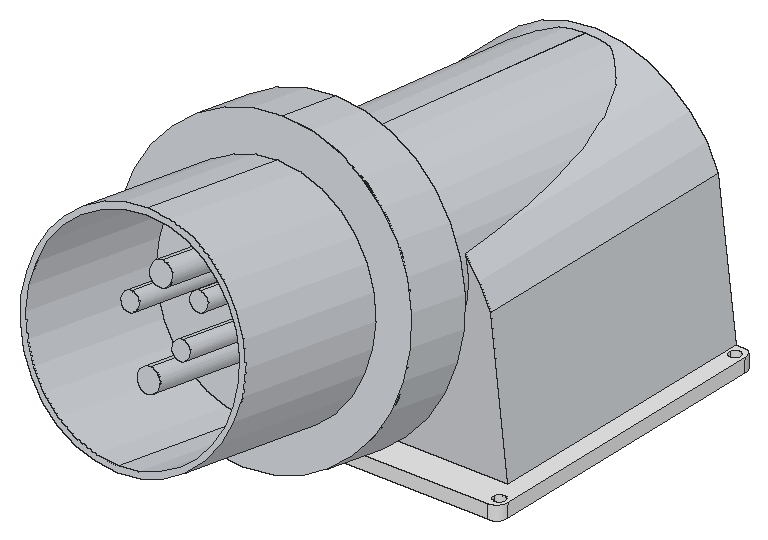
Revit family "Building-ConnessioniIEC309-GEWISS-IEC309HP-SPINE_FISSE_PAR_90°_CABL_INDIRETTO_125A_IP67", category Apparecchi elettrici, host Superficie, Revit 2019
Family settings
  Host = Superficie
  Mantenere orientamento annotazione = Sì
  Quota connettore circolare = Usa diametro
  Tipo di parte = Normale
  Taglio con vuoti quando caricato = No
  Condiviso = Sì
  Punto di calcolo locali = Sì
Parameters (values of type "GW60463 - SPINA 90°PAR.STAG.3P+N+T 125A 500V 7H")
  simbolo acceso [instance] = yes
  distanza_simbolo [instance] = 1 mm
  distanza dal piano [instance] = 0 mm
  W = 115 mm  # constant formula
  Versione file RFA = "21.11"
  URL = "https://www.gewiss.com/it/it"
  Tipologia = "Spina fissa da parete 90°"
  Tipo Cablaggio = "A mantello"
  Termopressione con biglia = "125 °C (Parti attive) - 80 °C (Parti passive)"
  Tensione nominale = "480-500V"
  Temperatura di utilizzo = "-25 +55 °C"
  Spostamento_effettivo_S [instance] = 4000 mm - Spostamento_S  # 3070 mm
  Spostamento_S = 930 mm
  Scheda Tecnica = "https://www.gewiss.com/it/it/search?q=GW60463"
  SPinotto = Default(2)
  SEO = "Spina"
  Riferimento h = "7"
  Resistenza di isolamento = "- 10 M?"
  Resistenza agli urti = "IK08"
  Default Elevation = 1219.2 mm
  Produttore = "GEWISS S.p.A."
  Potere d'interruzione a 1,1 Un = "156A"
  Piastra = Default(2)
  N. poli = "3P+N+T"
  N. Manovre complessive = "-500"
  Modello = "GW60463"
  L = 155 mm  # constant formula
  Immagine tipo = (empty or 0)
  IDT = "65faf2d8742c4b6998c525a67799a263"
  IDF = "659da91f-410f-4442-9d21-51160cca272d"
  Grado di protezione = "IP67"
  Glow wire test: = "850 °C (Parti attive) - 650 °C (Parti passive)"
  Frequenza = "50/60 Hz"
  FORMULA = 1000 mm * 1  # 1000 mm
  Descrizione = "SPINA 90°PAR.STAG.3P+N+T 125A 500V 7H"
  Creato da GEWISS S.p.A. = ""
  Corrente nominale (A) = "125"
  Corpo centrale = Default(2)
  Colore: = "Nero"
  Codice Electrocod = "2230"
  Catalogo = "BUILDING"
  CapacitÃ  serraggio morsetti = "16-50 mm² cavi flessibili - 25-70 mm² cavi rigidi"
  COBie.Tagnumber = ""
  COBie.CreatedOn = ""
  COBie.CreatebBy = ""
  COBie.ComponentRegisterItemID = ""
  COBie.Component.TagNumber = ""
  COBie.Component.Space = ""
  COBie.Component.SerialNumber = ""
  COBie.Component.InstallationDate = ""
  COBie.Component.Description = ""
  COBie.Component.BarCode = ""
  BLOCCO = "B=C"
Types (8, lengths in mm): name | Tensione nominale | Scheda Tecnica | Riferimento h | N. poli | Modello | IDT | Descrizione | Colore:
  GW60456 - SPINA 90°PAR.STAG.3P+T 125A 110V 4H | "100-130V" | "https://www.gewiss.com/it/it/search?q=GW60456" | "4" | "3P+T" | "GW60456" | "3800a04927474f288e68a607b09988a9" | "SPINA 90°PAR.STAG.3P+T 125A 110V 4H" | "Giallo"
  GW60457 - SPINA 90°PAR.STAG.3P+N+T 125A 110V 4H | "100-130V" | "https://www.gewiss.com/it/it/search?q=GW60457" | "4" | "3P+N+T" | "GW60457" | "8aaa99a3a4b44c66b142d95dae97df17" | "SPINA 90°PAR.STAG.3P+N+T 125A 110V 4H" | "Giallo"
  GW60458 - SPINA 90°PAR.STAG.3P+T 125A 230V 9H | "200-250V" | "https://www.gewiss.com/it/it/search?q=GW60458" | "9" | "3P+T" | "GW60458" | "f45895a4e113447bb1fad4a641f365e7" | "SPINA 90°PAR.STAG.3P+T 125A 230V 9H" | "Blu"
  GW60459 - SPINA 90°PAR.STAG.3P+N+T 125A 230V 9H | "200-250V" | "https://www.gewiss.com/it/it/search?q=GW60459" | "9" | "3P+N+T" | "GW60459" | "3828058f71114ea1ad54305240ad521a" | "SPINA 90°PAR.STAG.3P+N+T 125A 230V 9H" | "Blu"
  GW60460 - SPINA 90°PAR.STAG.3P+T 125A 400V 6H | "380-415V" | "https://www.gewiss.com/it/it/search?q=GW60460" | "6" | "3P+T" | "GW60460" | "2bec973d1017475d87a464796403b450" | "SPINA 90°PAR.STAG.3P+T 125A 400V 6H" | "Rosso"
  GW60461 - SPINA 90°PAR.STAG.3P+N+T 125A 400V 6H | "380-415V" | "https://www.gewiss.com/it/it/search?q=GW60461" | "6" | "3P+N+T" | "GW60461" | "3ea0060967664dec90878a568c9b3ea4" | "SPINA 90°PAR.STAG.3P+N+T 125A 400V 6H" | "Rosso"
  GW60462 - SPINA 90°PAR.STAG.3P+T 125A 500V 7H | "480-500V" | "https://www.gewiss.com/it/it/search?q=GW60462" | "7" | "3P+T" | "GW60462" | "f40a51e14e8a4a7aa1089104dc8ac73b" | "SPINA 90°PAR.STAG.3P+T 125A 500V 7H" | "Nero"
  GW60463 - SPINA 90°PAR.STAG.3P+N+T 125A 500V 7H | "480-500V" | "https://www.gewiss.com/it/it/search?q=GW60463" | "7" | "3P+N+T" | "GW60463" | "65faf2d8742c4b6998c525a67799a263" | "SPINA 90°PAR.STAG.3P+N+T 125A 500V 7H" | "Nero"
Reference planes
  plane 1 "Centro (Fronte/Retro)": y = 0
  plane 2: z = 0
  plane 3 "Centro (Sinistra/Destra)": x = 0
  plane 4: x = -3000
  plane 5: x = 70
  plane 6: z = 0
Dimensions and locks
  plane 4 to plane 3 "Centro (Sinistra/Destra)" = 3000 mm
  "Spostamento_effettivo_S": plane 4 to plane 5
  "distanza dal piano": plane 6 to plane 2
  aligned and locked: plane 2 to host face
  aligned and locked: level to host face
  aligned and locked: plane 3 "Centro (Sinistra/Destra)" to nested 1
  aligned and locked: plane 1 "Centro (Fronte/Retro)" to nested 1
  aligned and locked: nested 2 to plane 5
Automatic sketch dimensions
  host sketch curve to host sketch curve = 2438.4 mm  (x2)
Nested families
  nested 1: "IEC309 SPINE FISSE PARETE 90' CABL INDIRETTO 125A IP67_BASE" at (0, 0, 0), type "IEC309 SPINE FISSE PARETE 90' CABL INDIRETTO 125A IP67_BASE"
  nested 2: "simbolo_circuito_GW60201" at (70, 171.559, 0), visible <- "simbolo acceso", Distanza dal muro <- "distanza_simbolo", type "3P"
    with SIMBOLO ACCESO yes, Distanza dal muro 1 mm
Connectors
  electrical at (37.5, 30, 0)
    settings: on nested 1, index 1, voltage 0 V, apparent load 0 VA, apparent load phase1 0 VA, apparent load phase2 0 VA, apparent load phase3 0 VA, power factor 1, load classification "Altro", number of poles 1, system type 31, power factor state 1, is connector primary yes, connector utility no, sub classification motor no, connector description ""
Definition of nested family "IEC309 SPINE FISSE PARETE 90' CABL INDIRETTO 125A IP67_BASE"
  Parameters (values of type "IEC309 SPINE FISSE PARETE 90' CABL INDIRETTO 125A IP67_BASE")
    sp_ghiera = 16 mm
    h = 140 mm
    dis_base = 71 mm
    Spinotto = none
    PIASTRA = none
    Lunghezza totale = 140 mm
    CENTRALE = none
    Bsae = 140 mm
  Reference planes
    plane 1 "Centro (Fronte/Retro)": y = 0
    plane 2: z = 0
    plane 3 "Centro (Sinistra/Destra)": x = 0
    plane 4 "EEE": through (4267.2, -291.041, 143.375) normal (0, -0.788, -0.6157)
    plane 5: x = 48
    plane 6: x = 140
    plane 7: y = 140
    plane 8: z = 6
    plane 9: y = 134.607
    plane 10: y = 5.392
    plane 11: x = 70
    plane 12: y = 70
    plane 13: through (4267.2, -43.825, 42.63) normal (0, 0.1727, 0.985)
    plane 14: x = 4.026
    plane 15: x = 135.974
    plane 16: z = 108.719
    plane 17 "zx": through (4267.2, -97.102, 134.757) normal (0, 0.1727, 0.985)
    plane 18: x = 126
    plane 19: x = 14
  Forms (mm)
    Extrusion 1, solid, material <- "PIASTRA"
      sketch origin (0, 0, 0) x (1, 0, 0) y (0, 1, 0)
        loop
          arc (5, 140) -> (1.464, 138.536) -> (0, 135) r 5
          line (0, 135) -> (0, 5)
          arc (0, 5) -> (1.464, 1.464) -> (5, 0) r 5
          line (5, 0) -> (135, 0)
          arc (135, 0) -> (138.536, 1.464) -> (140, 5) r 5
          line (140, 5) -> (140, 135)
          arc (140, 135) -> (138.536, 138.536) -> (135, 140) r 5
          line (135, 140) -> (5, 140)
      from 0 to 6
    Extrusion 2, void
      sketch origin (0, 0, 0) x (1, 0, 0) y (0, 1, 0)
        loop
          circle (4.026, 134.607) r 2.665
        loop
          circle (135.974, 134.607) r 2.602
        loop
          circle (135.974, 5.392) r 2.692
        loop
          circle (4.026, 5.392) r 2.603
      from 0 to 6
    Extrusion 3, solid
      sketch origin (-3.52, 0, 0) x (1, 0, 0) y (0, 0, 1)
        loop
          line (11.821, 6) -> (135.22, 6) -> (127.556, 70.547)
          arc (127.556, 70.547) -> (73.52, 108.719) -> (19.485, 70.547) r 57.332
          line (19.485, 70.547) -> (11.821, 6)
      from -140 to -15.377
    Sweep 4, solid
      path origin (0, 0, 3.75) x (0, 1, 0) y (0, 0, 1)
        loop
          line (-17.292, 79.235) -> (129.498, 61.629)
      profile origin (0, 56.103, 74.182) x (0, 0.119082, 0.992884) y (1, 0, 0)
        loop
          circle (0, 70) r 44
    Sweep 5, solid
      path origin (0, 0, -2.5) x (0, 1, 0) y (0, 0, 1)
        loop
          line (-113.305, 99.83) -> (-42.11, 87.351)
      profile origin (0, -77.707, 91.091) x (0, 0.17265, 0.984983) y (1, 0, 0)
        loop
          circle (0, 70) r 49
        loop
          circle (0, 70) r 46.576
    Sweep 6, solid
      path origin (70, 0, -2.008) x (0, 1, 0) y (0, 0, 1)
        loop
          line (-42.026, 87.336) -> (-13.097, 82.266)
      profile origin (70, -27.561, 82.793) x (0, 0.17265, 0.984983) y (1, 0, 0)
        loop
          circle (0, 0) r 65
    Sweep 7, solid
      path origin (0, -0.85, -7.351) x (0, 1, 0) y (0, 0, 1)
        loop
          line (-103.677, 85.088) -> (-44.33, 74.686)
      profile origin (0, -74.854, 72.536) x (0, 0.17265, 0.984983) y (1, 0, 0)
        loop
          circle (0, 70) r 5
    Sweep 8, solid
      path origin (82.164, 0, 7.909) x (0, 1, 0) y (0, 0, -1)
        loop
          line (-101.933, -84.629) -> (-42.56, -74.375)
      profile origin (82.164, -72.247, 87.411) x (0, -0.170176, -0.985414) y (-1, 0, 0)
        loop
          circle (0, 0) r 4
    Sweep 9, solid
      path origin (0, 5.952, 31.457) x (0, 1, 0) y (0, 0, 1)
        loop
          line (-103.677, 85.088) -> (-44.33, 74.686)
      profile origin (0, -68.052, 111.344) x (0, 0.17265, 0.984983) y (1, 0, 0)
        loop
          circle (0, 70) r 5
    Sweep 10, solid
      path origin (86.641, 3.329, 26.9) x (0, 1, 0) y (0, 0, -1)
        loop
          line (-101.057, -84.629) -> (-42.56, -74.375)
      profile origin (86.641, -68.48, 106.402) x (0, -0.17265, -0.984983) y (-1, 0, 0)
        loop
          circle (0, 0) r 4
    Sweep 11, solid
      path origin (57.723, 1.682, 17.505) x (0, 1, 0) y (0, 0, 1)
        loop
          line (-101.057, 84.629) -> (-42.56, 74.375)
      profile origin (57.723, -70.126, 97.007) x (0, 0.17265, 0.984983) y (1, 0, 0)
        loop
          circle (0, 0) r 4
  Cuts and joins
    Extrusion 2 cuts Extrusion 1
    joined: Extrusion 3, Sweep 4
    joined: Sweep 5, Sweep 6
  Lines and regions (mm)
    symbolic lines
      curve 1: line (330.256, 400.85, 0) -> (342.43, 400.85, 0)
      curve 2: line (0, -27.731, 87.005) -> (0, 10.147, 80.366)
  Dimensions and locks
    "Bsae": plane 3 "Centro (Sinistra/Destra)" to plane 6
    "h": plane 1 "Centro (Fronte/Retro)" to plane 7
    plane 8 to level = 6 mm
    locked: plane 1 "Centro (Fronte/Retro)" to plane 10 at 5.392
    equal spacing: plane 3 "Centro (Sinistra/Destra)", plane 11, plane 6
    locked: plane 7 to plane 9 at 5.393
    equal spacing: plane 1 "Centro (Fronte/Retro)", plane 12, plane 7
    locked: plane 8 to plane 2 at 6
    locked: plane 3 "Centro (Sinistra/Destra)" to plane 14 at 4.026
    locked: plane 15 to plane 6 at 4.026
    locked: plane 18 to plane 6 at 14
    locked: plane 3 "Centro (Sinistra/Destra)" to plane 19 at 14
    radius of Extrusion 1 sketch curve = 5 mm  (x4)
    aligned and locked: level to plane 2
    aligned and locked: Extrusion 1 to level
    aligned and locked: plane 8 to Extrusion 1
    aligned and locked: Extrusion 2 to level
    aligned and locked: plane 8 to Extrusion 2
    aligned and locked: plane 14 to Extrusion 2 sketch curve  (x2)
    aligned and locked: Extrusion 2 sketch curve to plane 15
    aligned and locked: plane 15 to Extrusion 2 sketch curve
    aligned and locked: plane 7 to Extrusion 3
    aligned and locked: Sweep 7 to Sweep 8 sketch curve
    aligned and locked: cut or joined group of Sweep 5, Sweep 6 to Sweep 11
    aligned and locked: cut or joined group of Sweep 5, Sweep 6 to Sweep 10
    aligned and locked: cut or joined group of Sweep 5, Sweep 6 to Sweep 9
    aligned and locked: cut or joined group of Sweep 5, Sweep 6 to Sweep 7
  Automatic sketch dimensions
    plane 1 "Centro (Fronte/Retro)" to curve 2 = 27.731 mm
    plane 10 to curve 2 = 4.755 mm
    plane 16 to curve 2 = 28.353 mm
    plane 16 to curve 2 = 21.714 mm
    curve 1 to plane 6 = 190.256 mm
    plane 7 to curve 1 = 260.85 mm
    curve 1 to curve 1 = 12.174 mm
    Extrusion 1 sketch curve to plane 3 "Centro (Sinistra/Destra)" = 0 mm
    Extrusion 1 sketch curve to plane 7 = 0 mm
    plane 1 "Centro (Fronte/Retro)" to Extrusion 1 sketch curve = 0 mm
    Extrusion 1 sketch curve to plane 6 = 0 mm
    plane 10 to Extrusion 2 sketch curve = 0 mm
    Extrusion 2 sketch curve to plane 10 = 0 mm
    plane 9 to Extrusion 2 sketch curve = 0 mm
    Extrusion 2 sketch curve to plane 9 = 0 mm
    Extrusion 3 sketch curve to plane 8 = 0 mm
    Extrusion 3 sketch curve to plane 11 = 0 mm
    plane 19 to Extrusion 3 sketch curve = 1.965 mm
    plane 14 to Extrusion 3 sketch curve = 4.275 mm
    Extrusion 3 sketch curve to plane 18 = 1.965 mm
    plane 15 to Extrusion 3 sketch curve = 4.275 mm
    plane 8 to Extrusion 3 sketch curve = 45.387 mm
    plane 16 to Extrusion 3 sketch curve = 38.172 mm
    plane 1 "Centro (Fronte/Retro)" to Sweep 4 sketch curve = 17.292 mm
    Sweep 4 sketch curve to plane 9 = 5.109 mm
    plane 16 to Sweep 4 sketch curve = 43.339 mm
    plane 16 to Sweep 4 sketch curve = 25.734 mm
    Sweep 4 sketch curve to profile plane = 0 mm
    plane 3 "Centro (Sinistra/Destra)" to Sweep 4 sketch curve = 70 mm
    Sweep 5 sketch curve to Sweep 5 sketch curve = 0 mm  (x2)
    Sweep 5 sketch curve to profile plane = 0 mm
    plane 3 "Centro (Sinistra/Destra)" to Sweep 5 sketch curve = 70 mm
    plane 1 "Centro (Fronte/Retro)" to Sweep 6 sketch curve = 42.026 mm
    plane 1 "Centro (Fronte/Retro)" to Sweep 6 sketch curve = 13.097 mm
    plane 16 to Sweep 6 sketch curve = 28.461 mm
    plane 16 to Sweep 6 sketch curve = 23.39 mm
    Sweep 6 sketch curve to profile plane = 0 mm  (x2)
    plane 16 to Sweep 7 sketch curve = 30.981 mm
    plane 1 "Centro (Fronte/Retro)" to Sweep 7 sketch curve = 104.528 mm
    plane 1 "Centro (Fronte/Retro)" to Sweep 7 sketch curve = 45.18 mm
    plane 16 to Sweep 7 sketch curve = 41.384 mm
    Sweep 7 sketch curve to profile plane = 0 mm
    plane 3 "Centro (Sinistra/Destra)" to Sweep 7 sketch curve = 70 mm
    plane 16 to Sweep 8 sketch curve = 16.18 mm
    plane 1 "Centro (Fronte/Retro)" to Sweep 8 sketch curve = 42.56 mm
    plane 16 to Sweep 8 sketch curve = 26.434 mm
    profile plane to Sweep 8 sketch curve = 0 mm
    Sweep 8 sketch curve to profile plane = 0 mm
    Sweep 9 sketch curve to plane 16 = 7.826 mm
    plane 1 "Centro (Fronte/Retro)" to Sweep 9 sketch curve = 97.725 mm
    plane 16 to Sweep 9 sketch curve = 2.576 mm
    plane 1 "Centro (Fronte/Retro)" to Sweep 9 sketch curve = 38.378 mm
    Sweep 9 sketch curve to profile plane = 0 mm
    plane 3 "Centro (Sinistra/Destra)" to Sweep 9 sketch curve = 70 mm
    Sweep 10 sketch curve to plane 16 = 2.81 mm
    plane 1 "Centro (Fronte/Retro)" to Sweep 10 sketch curve = 97.728 mm
    plane 16 to Sweep 10 sketch curve = 7.443 mm
    plane 1 "Centro (Fronte/Retro)" to Sweep 10 sketch curve = 39.231 mm
    profile plane to Sweep 10 sketch curve = 0 mm
    Sweep 10 sketch curve to profile plane = 0 mm
    plane 16 to Sweep 11 sketch curve = 6.584 mm
    plane 1 "Centro (Fronte/Retro)" to Sweep 11 sketch curve = 99.375 mm
    plane 16 to Sweep 11 sketch curve = 16.838 mm
    plane 1 "Centro (Fronte/Retro)" to Sweep 11 sketch curve = 40.878 mm
    Sweep 11 sketch curve to profile plane = 0 mm  (x2)
    plane 16 to Sweep 5 sketch curve = 11.388 mm
    plane 1 "Centro (Fronte/Retro)" to Sweep 5 sketch curve = 113.305 mm
    plane 1 "Centro (Fronte/Retro)" to Sweep 5 sketch curve = 42.11 mm
    plane 16 to Sweep 5 sketch curve = 23.867 mm
    radius of Extrusion 2 sketch curve = 2.665 mm
    radius of Extrusion 2 sketch curve = 2.602 mm
    radius of Extrusion 2 sketch curve = 2.692 mm
    radius of Extrusion 2 sketch curve = 2.603 mm
    radius of Sweep 4 sketch curve = 44 mm
    radius of Sweep 5 sketch curve = 49 mm
    radius of Sweep 5 sketch curve = 46.576 mm
    radius of Sweep 6 sketch curve = 65 mm
    radius of Sweep 7 sketch curve = 5 mm
    radius of Sweep 8 sketch curve = 4 mm
    radius of Sweep 9 sketch curve = 5 mm
    radius of Sweep 10 sketch curve = 4 mm
    radius of Sweep 11 sketch curve = 4 mm
Definition of nested family "simbolo_circuito_GW60201"
  Parameters (values of type "3P")
    SIMBOLO ACCESO [instance] = yes
    Distanza dal muro [instance] = 0 mm
  Reference planes
    plane 1: y = 0
    plane 2: x = 0
  Dimensions and locks
    "Distanza dal muro": plane 1 to nested 1
    aligned and locked: plane 2 to nested 1
  Nested families
    nested 1: "simbolo_circuito_GW60201_base" at (0, 0, 0), visible <- "SIMBOLO ACCESO", type "3P"
      with CORNICE SIMBOLO yes
  Definition of nested family "simbolo_circuito_GW60201_base"
    Parameters (values of type "3P")
      CORNICE SIMBOLO [instance] = yes
      3P = yes
    Types (2, lengths in mm): name | 3P
      3P | yes
      2P | no
    Reference planes
      plane 1: y = 0
      plane 2: x = 0
    Lines and regions (mm)
      detail lines
        curve 1: arc (0.298, 0.46, 0) -> (0, 0.758, 0) -> (-0.298, 0.46, 0) r 0.298
        curve 2: arc (0.139, 0.652, 0) -> (0, 0.731, 0) -> (-0.139, 0.652, 0) r 0.163
        curve 3: arc (-0.139, 0.106, 0) -> (0, 0.027, 0) -> (0.139, 0.106, 0) r 0.163
        curve 4: circle (0, 2.381, 0) r 0.05 normal (0, 0, 1)
        curve 5: line (0, 3.386, 0) -> (0, 0.758, 0)
        curve 6: line (-0.139, 0.652, 0) -> (-0.139, 0.106, 0)
        curve 7: line (0.139, 0.652, 0) -> (0.139, 0.106, 0)
      detail lines, not visible
        curve 8: arc (2.679, 0.46, 0) -> (2.381, 0.758, 0) -> (2.083, 0.46, 0) r 0.298
        curve 9: arc (2.52, 0.652, 0) -> (2.381, 0.731, 0) -> (2.241, 0.652, 0) r 0.163
        curve 10: arc (2.241, 0.106, 0) -> (2.381, 0.027, 0) -> (2.52, 0.106, 0) r 0.163
        curve 11: circle (2.381, 2.381, 0) r 0.05 normal (0, 0, 1)
        curve 12: line (2.381, 3.386, 0) -> (2.381, 0.758, 0)
        curve 13: line (2.241, 0.652, 0) -> (2.241, 0.106, 0)
        curve 14: line (2.52, 0.652, 0) -> (2.52, 0.106, 0)
